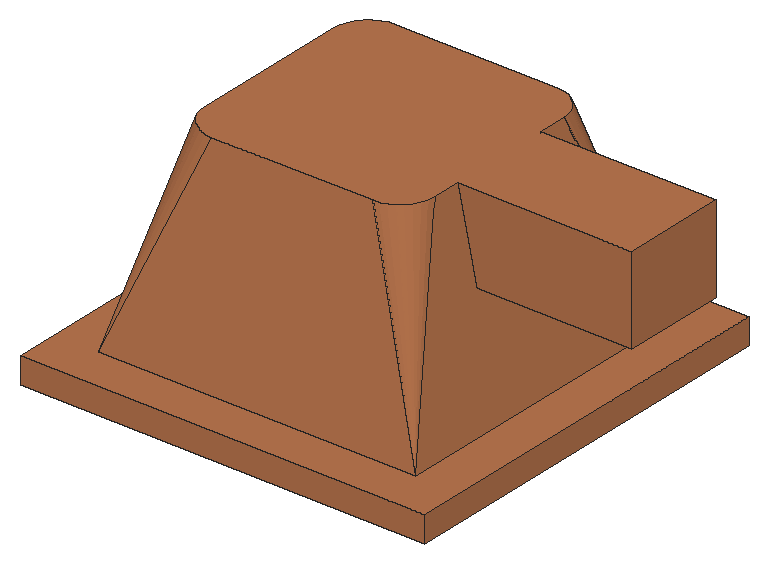
Revit family "D1_Recessed Square Down Light", category Lighting Fixtures, Revit 2013
Parameters (values of type "1X18w")
  Wattage = 9.2903 W
  built-in parameter 1150110 = 1 (stored number, unit not read)
  built-in parameter 1114217 = 1 (stored number, unit not read)
  built-in parameter 1150109 = 1 (stored number, unit not read)
  built-in parameter 1150134 = 3
  built-in parameter 1150113 = 1 (stored number, unit not read)
  Model = "Kubicra 90.42.64.0 Recessed Square Downlight"
  Material = Bright
  Manufacturer = "LAMPLIGHTING"
  built-in parameter 1150105 = 109.82 (stored number, unit not read)
  Lumens = 1380 lm
  built-in parameter 1150115 = 1 (stored number, unit not read)
  Load Classification = Ltg
  Light Type [instance] = "D1"
  Light Source Symbol Size = 609.6 mm
  built-in parameter 1150137 = (empty or 0)
  built-in parameter 1150139 = (empty or 0)
  built-in parameter 1150112 = 1 (stored number, unit not read)
  built-in parameter 1150114 = 1 (stored number, unit not read)
  Lamp = "1x18W"
  built-in parameter 1150132 = (empty or 0)
  built-in parameter 1150102 = (empty or 0)
  built-in parameter 1150107 = 3200 (stored number, unit not read)
  built-in parameter 1150138 = (empty or 0)
  built-in parameter 1150106 = 1.0982 (stored number, unit not read)
  Glass = Bright
  Emit from Line Length = 609.6 mm
  built-in parameter 1150104 = 13.8 (stored number, unit not read)
  Dimming Lamp Color Temperature Shift = <None>
  Color Filter = 16777215
  Body = Whitecroft Lighting_Steel_White_RAL9003
  built-in parameter 1114218 = 1 (stored number, unit not read)
  built-in parameter 1150133 = 10 (stored number, unit not read)
  Apparent Load = 18 VA
Reference planes
  plane 1 "Light Source Axis (F/B)": y = 0
  plane 2: z = 0
  plane 3 "Light Source Axis (L/R)": x = 0
  plane 4 "Light Source Elevation": z = 115
  plane 5: x = -116
  plane 6: x = 116
  plane 7: y = 116
  plane 8: y = -116
  plane 9: y = 91
  plane 10: y = -91
  plane 11: x = -91
  plane 12: x = 91
  plane 13: z = -15
  plane 14 "Rt": x = 166
Forms (mm)
  Extrusion 1, solid, material "Light Body"
    sketch origin (0, 0, 0) x (1, 0, 0) y (0, 1, 0)
      loop
        line (-116, -116) -> (116, -116) -> (116, 116) -> (-116, 116) -> (-116, -116)
      loop
        line (-91, -91) -> (91, -91) -> (91, 91) -> (-91, 91) -> (-91, -91)
    from 0 to -15
  Blend 2, solid, material "Light Body"
    base sketch origin (0, 0, 0) x (1, 0, 0) y (0, 1, 0)
      loop
        line (-91, -91) -> (91, -91) -> (91, 91) -> (-91, 91) -> (-91, -91)
    top sketch origin (0, 0, 0) x (1, 0, 0) y (0, 1, 0)
      loop
        line (-46, -66) -> (46, -66)
        arc (46, -66) -> (60.142, -60.142) -> (66, -46) r 20
        line (66, -46) -> (66, 46)
        arc (66, 46) -> (60.142, 60.142) -> (46, 66) r 20
        line (46, 66) -> (-46, 66)
        arc (-46, 66) -> (-60.142, 60.142) -> (-66, 46) r 20
        line (-66, 46) -> (-66, -46)
        arc (-66, -46) -> (-60.142, -60.142) -> (-46, -66) r 20
    from 0 to 115
  Extrusion 3, solid, material "Light Body"
    sketch origin (166, 0, 0) x (0, 0, 1) y (0, -1, 0)
      loop
        line (115, 30) -> (65, 30) -> (65, -30) -> (115, -30) -> (115, 30)
    from 0 to -100
  Extrusion 4, solid, material "Bright" <- "Glass"
    sketch origin (0, 0, 0) x (1, 0, 0) y (0, 1, 0)
      loop
        line (-91, -91) -> (91, -91) -> (91, 91) -> (-91, 91) -> (-91, -91)
    from -10 to -15
Cuts and joins
  joined: Blend 2, Extrusion 3
Dimensions and locks
  plane 2 to plane 13 = 15 mm
  aligned and locked: level to plane 2
Nested families
  nested 1: "EL_D1" at (0, 0, 0), type "EL_D1"
Connectors
  electrical at (166, 0, 90)
    settings: on cut or joined group of Blend 2, Extrusion 3, index 1, voltage 230 V, apparent load 0 VA, apparent load phase1 18 VA, apparent load phase2 0 VA, apparent load phase3 0 VA, power factor 0.9, load classification "Ltg", number of poles 1, system type 31, power factor state 1, is connector primary yes, connector utility no, sub classification motor no, connector description ""
Definition of nested family "EL_D1"
  Reference planes
    plane 1: y = 0
    plane 2: x = 0
  Lines and regions (mm)
    Filled region 1, type "Filled region 1"
      outline origin (0, 0, 0) x (1, 0, 0) y (0, 1, 0)
        loop
          line (-0.95, -0.95) -> (0, -0.95) -> (0, 0) -> (-0.95, 0) -> (-0.95, -0.95)
    Filled region 2, type "Filled region 1"
      outline origin (0, 0, 0) x (1, 0, 0) y (0, 1, 0)
        loop
          line (0, 0) -> (0.95, 0) -> (0.95, 0.95) -> (0, 0.95) -> (0, 0)
    detail lines, style "Lighting Symbols"
      curve 1: line (-1.35, -1.35, 0) -> (1.35, -1.35, 0)
      curve 2: line (-1.35, 1.35, 0) -> (-1.35, -1.35, 0)
      curve 3: line (1.35, 1.35, 0) -> (-1.35, 1.35, 0)
      curve 4: line (1.35, -1.35, 0) -> (1.35, 1.35, 0)
      curve 5: line (-0.95, 0.95, 0) -> (0.95, 0.95, 0)
      curve 6: line (-0.95, -0.95, 0) -> (-0.95, 0.95, 0)
      curve 7: line (0.95, -0.95, 0) -> (-0.95, -0.95, 0)
      curve 8: line (0.95, 0.95, 0) -> (0.95, -0.95, 0)
